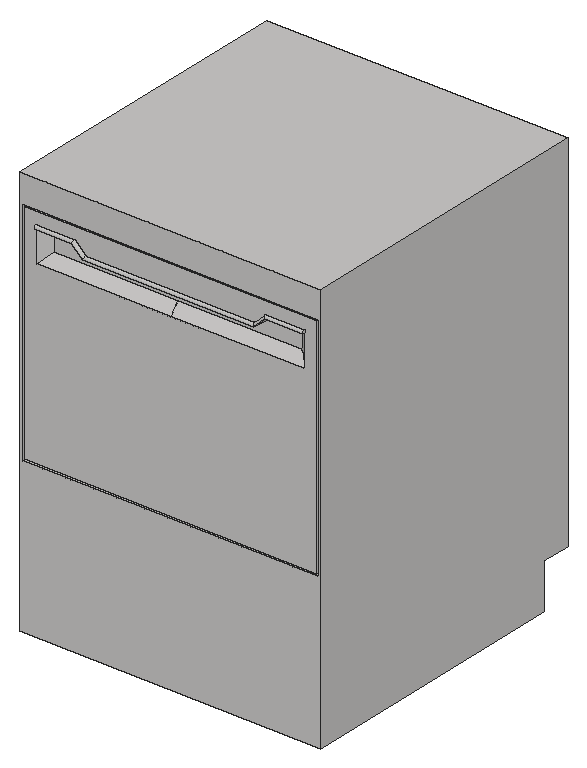
Revit family "QF_ELECTROLUXPROFESSIONAL_502713_ELI3G6M", category Specialty Equipment, Revit 2018
Family settings
  Round Connector Dimension = Use Diameter
  Part Type = Normal
  Work Plane-Based = No
  Always vertical = Yes
  Cut with Voids When Loaded = No
  Shared = No
  Room Calculation Point = No
Parameters
  Weight = 68.00 kg
  Watts = 0 W
  Volts = 0 V
  URL Manufacturer = ""
  URL = "http://professional.electrolux.com/"
  Steam Supply Size = 0 mm
  Steam Supply Minimum Pressure = 0.0 Pa
  Steam Supply Maximum Pressure = 0.0 Pa
  Steam Pounds per Hour = 0
  Show Logo [instance] = yes
  Show Clearance [instance] = yes
  Refrigeration Suction Line Size = 0 mm
  Refrigeration Liquid Line Size = 0 mm
  Refrigerant Compressor Remote = yes
  Manufacturer = ""
  Phase = 0
  Model = ""
  Length Actual = 600 mm  # constant formula
  Item Number = ""
  Hot Water Size = 0 mm
  Height Actual = 820 mm  # constant formula
  HP = "9.2 HP"
  Gas Size = 0 mm
  Gas KW = 0
  Gas Input Pressure = 0 W
  Direct Waste Size = 20.5 mm
  Description = ""
  Depth Actual = 615 mm  # constant formula
  Cycle = 0 Hz
  Condensate Return Size = 0 mm
  Compressed Air Volume = 0.0 L/s
  Compressed Air Size = 0 mm
  Compressed Air Pressure = 0.0 Pa
  Cold Water Size = 0 mm
  Accessory = yes
Types (2, lengths in mm): name | Volts | URL Manufacturer | URL | Manufacturer | Phase | Model | Item Number | Hot Water Size | Description | Cycle
  (no name) | 0 V | "" | "http://professional.electrolux.com/" | "" | 0 | "" | "" | 0 | "" | 0 Hz
  Standard | 440 V | "http://professional.electrolux.com" | "http://professional.electrolux.com" | "Electrolux Professional" | 3 | "ELI3G6M" | "502713" | 19.05 | "UNDERCOUNTER(L), DOUBLE SKIN, 3PH, DP, DD, 720D/H - 440V/ 3/ 60HZ MARINE" | 60 Hz
Reference planes
  plane 1 "Center (Front/Back)": y = 0
  plane 2: z = 0
  plane 3 "Center (Left/Right)": x = 0
  plane 4 "LEFT": x = -300
  plane 5 "RIGHT": x = 300
  plane 6 "FRONT": y = -307.5
  plane 7 "BACK": y = 307.5
  plane 8: z = 830
  plane 9: z = 10
  plane 10: y = 268.5
Forms (mm)
  Extrusion 1, solid, material "QF_Finishes_Stainless Steel"
    sketch origin (0, 0, 0) x (1, 0, 0) y (0, 1, 0)
      loop
        line (-300, -307.5) -> (300, -307.5) -> (300, 249.5) -> (-300, 249.5) -> (-300, -307.5)
    from 10 to 830
  Extrusion 2, solid, material "QF_Finishes_Stainless Steel"
    sketch origin (0, 0, 0) x (1, 0, 0) y (0, 1, 0)
      loop
        line (-300, 249.5) -> (300, 249.5) -> (300, 307.5) -> (-300, 307.5) -> (-300, 249.5)
    from 100 to 830
  Extrusion 3, solid, material "QF_Finishes_Stainless Steel"
    sketch origin (0, 0, 0) x (1, 0, 0) y (0, 1, 0)
      loop
        circle (-254, 193.5) r 12.5
      loop
        circle (254, 193.5) r 12.5
      loop
        circle (-254, -237.5) r 12.5
      loop
        circle (254, -237.5) r 12.5
    from 0 to 10
  Extrusion 4, void
    sketch origin (-300, -307.5, 0) x (-1, 0, 0) y (0, 0, 1)
      loop
        line (-5, 773.217) -> (-595, 773.217) -> (-595, 315.188) -> (-5, 315.188) -> (-5, 773.217)
    from 0 to 30
  Extrusion 5, solid, material "QF_Finishes_Stainless Steel"
    sketch origin (-274, -411, 733) x (0, 0, -1) y (1, 0, 0)
      loop
        circle (693, 143) r 10
    from -660.5 to -718.5
  Extrusion 6, solid, material "QF_Door-Drawer Clearances", visible <- "Show Clearance", detail levels coarse
    sketch origin (-230, -282.5, 0) x (0, 1, 0) y (0, 0, -1)
      loop
        line (-25, -319.312) -> (-397, -319.312)
        arc (-397, -319.312) -> (-298.139, -616.581) -> (-25, -770) r 434.302
        line (-25, -770) -> (-25, -319.312)
    from 61.225 to -521.647
  Extrusion 7, solid, material "QF_Finishes_Stainless Steel"
    sketch origin (-331.481, -411, 703) x (0, 0, -1) y (1, 0, 0)
      loop
        circle (663, 252.481) r 8
    from -660.5 to -718.5
  Extrusion 8, solid, material "QF_Finishes_Stainless Steel"
    sketch origin (-230, -282.5, 0) x (0, 1, 0) y (0, 0, -1)
      loop
        line (-25, -319.312) -> (-25, -770) -> (0, -770) -> (0, -319.312) -> (-25, -319.312)
    from 61.225 to -521.647
  Extrusion 9, solid, material "QF_Finishes_Stainless Steel"
    sketch origin (-301, 942.75, 760.5) x (0, -1, 0) y (1, 0, 0)
      loop
        circle (663, 158) r 8
    from -660.5 to -670.5
  Blend 10, void
    base sketch origin (-230, -307.5, 770) x (0, 0, -1) y (1, 0, 0)
      loop
        line (93.563, -37.311) -> (93.563, 230) -> (93.563, 497.311) -> (28.563, 497.311) -> (28.563, 422.311) -> (49.776, 401.098) -> (49.776, 230) -> (49.776, 58.902) -> (28.563, 37.689) -> (28.563, -37.311) -> (93.563, -37.311)
    top sketch origin (-230, -307.5, 770) x (0, 0, -1) y (1, 0, 0)
      loop
        line (73.563, -17.311) -> (73.563, 230) -> (73.563, 477.311) -> (31.063, 477.311) -> (31.063, 422.311) -> (52.276, 401.098) -> (52.276, 58.902) -> (31.063, 37.689) -> (31.063, -17.311) -> (73.563, -17.311)
    from 0 to -19.433
  Sweep 11, solid, material "QF_Finishes_Stainless Steel"
    path origin (-230, -307.5, 770) x (0, 0, -1) y (1, 0, 0)
      loop
        line (28.563, -37.311) -> (28.563, 37.689) -> (49.776, 58.902) -> (49.776, 401.098) -> (28.563, 422.311) -> (28.563, 497.311)
    profile origin (-229.811, -307.5, 741.437) x (0, 0, 1) y (0, -1, 0)
      loop
        line (0, 0) -> (5, 0)
        arc (5, 0) -> (3.536, 3.536) -> (0, 5) r 5
        arc (0, 5) -> (-0.037, 0.962) -> (-0.394, -3.06) r 51.04
        line (-0.394, -3.06) -> (0, 0)
Cuts and joins
  Extrusion 4 cuts Extrusion 1
  joined: Extrusion 1, Extrusion 2
  Blend 10 cuts Extrusion 8
Lines and regions (mm)
  Split face 1
    outline origin (-300, -307.5, 830) x (0, 0, -1) y (1, 0, 0)
      loop
        line (56.783, 5) -> (56.783, 0)
      loop
        line (56.783, 595) -> (56.783, 600)
      loop
        line (37.034, 600) -> (37.034, 514.297)
        arc (37.034, 514.297) -> (37.64, 511.25) -> (39.366, 508.667) r 7.962
        line (39.366, 508.667) -> (44.289, 503.744)
        arc (44.289, 503.744) -> (46.135, 500.982) -> (46.783, 497.723) r 8.515
        line (46.783, 497.723) -> (46.783, 87.277)
        arc (46.783, 87.277) -> (46.135, 84.018) -> (44.289, 81.256) r 8.515
        line (44.289, 81.256) -> (39.366, 76.333)
        arc (39.366, 76.333) -> (37.64, 73.75) -> (37.034, 70.703) r 7.962
        line (37.034, 70.703) -> (37.034, 0)
  Split face 2
    outline origin (-300, -307.5, 830) x (0, 0, -1) y (1, 0, 0)
      loop
        line (13.15, 274.82) -> (37.034, 274.82) -> (37.034, 325.18) -> (13.15, 325.18) -> (13.15, 274.82)
  symbolic lines
    curve 1: line (-300, 307.5, 0) -> (300, 307.5, 0)
    curve 2: line (-300, -307.5, 0) -> (-300, 307.5, 0)
    curve 3: line (300, -307.5, 0) -> (-300, -307.5, 0)
    curve 4: line (300, 307.5, 0) -> (300, -307.5, 0)
  symbolic lines, style "QF_Door-Drawer Clearances"
    curve 5: line (-291.225, -679.5, 0) -> (291.647, -679.5, 0)
    curve 6: line (291.647, -679.5, 0) -> (291.647, -307.5, 0)
    curve 7: line (-291.225, -679.5, 0) -> (-291.225, -307.5, 0)
  symbolic lines, style "SpecialityEquipmentHiddenLines"
    curve 8: line (-300, 249.5, 0) -> (300, 249.5, 0)
Dimensions and locks
  equal spacing: plane 4 "LEFT", plane 3 "Center (Left/Right)", plane 5 "RIGHT"
  equal spacing: plane 7 "BACK", plane 1 "Center (Front/Back)", plane 6 "FRONT"
  plane 7 "BACK" to plane 6 "FRONT" = 615 mm
  plane 4 "LEFT" to plane 5 "RIGHT" = 600 mm
  locked: plane 9 to level at 10
  plane 4 "LEFT" to plane 3 "Center (Left/Right)" = 300 mm
  plane 8 to level = 830 mm  (x2)
  Extrusion 9 sketch curve to plane 4 "LEFT" = 157 mm
  level to Extrusion 5 sketch curve = 40 mm
  Extrusion 5 sketch curve to plane 4 "LEFT" = 169 mm
  Extrusion 7 sketch curve to plane 4 "LEFT" = 221 mm
  level to Extrusion 7 sketch curve = 40 mm
  Extrusion 3 to cut or joined group of Extrusion 1, Extrusion 2, Extrusion 4 = 114 mm
  Extrusion 3 to Extrusion 3 = 431 mm
  plane 6 "FRONT" to Extrusion 3 = 70 mm
  plane 1 "Center (Front/Back)" to plane 6 "FRONT" = 307.5 mm
  locked: plane 7 "BACK" to plane 10 at 39
  plane 7 "BACK" to curve 5 = 987 mm
  Extrusion 8 to cut or joined group of Extrusion 1, Extrusion 2, Extrusion 4 = 454.812 mm
  aligned and locked: level to plane 2
  aligned and locked: Extrusion 1 sketch curve to plane 6 "FRONT"
  aligned and locked: Extrusion 1 sketch curve to plane 4 "LEFT"
  aligned and locked: plane 5 "RIGHT" to Extrusion 1 sketch curve
  aligned and locked: Extrusion 1 to plane 9
  aligned and locked: Extrusion 2 sketch curve to Extrusion 1
  aligned and locked: plane 7 "BACK" to Extrusion 2 sketch curve
  aligned and locked: plane 5 "RIGHT" to Extrusion 2 sketch curve
  aligned and locked: plane 9 to Extrusion 3
Automatic sketch dimensions
  Extrusion 1 sketch curve to plane 10 = 19 mm
  Extrusion 2 sketch curve to plane 10 = 19 mm
  plane 4 "LEFT" to Extrusion 3 sketch curve = 46 mm  (x2)
  Extrusion 3 sketch curve to plane 5 "RIGHT" = 46 mm  (x2)
  plane 6 "FRONT" to Extrusion 3 sketch curve = 70 mm  (x2)
  Extrusion 3 sketch curve to plane 10 = 75 mm  (x2)
  Extrusion 4 sketch curve to Extrusion 1 = 5 mm  (x2)
  Extrusion 4 sketch curve to Extrusion 1 = 305.188 mm
  Extrusion 4 sketch curve to Extrusion 1 = 56.783 mm
  Extrusion 8 sketch curve to plane 6 "FRONT" = 0 mm
  Extrusion 8 sketch curve to Extrusion 8 sketch curve = 25 mm
  Extrusion 8 sketch curve to plane 8 = 60 mm
  plane 9 to Extrusion 8 sketch curve = 309.312 mm
  cut or joined group of Extrusion 1, Extrusion 2, Extrusion 4 to Split face 1 sketch curve = 0 mm  (x2)
  Split face 1 sketch curve to cut or joined group of Extrusion 1, Extrusion 2, Extrusion 4 = 0 mm  (x6)
  cut or joined group of Extrusion 1, Extrusion 2, Extrusion 4 to Split face 1 sketch curve = 10 mm
  Split face 1 sketch curve to Split face 1 sketch curve = 2.494 mm  (x2)
  Split face 1 sketch curve to Split face 1 sketch curve = 8.515 mm  (x2)
  cut or joined group of Extrusion 1, Extrusion 2, Extrusion 4 to Split face 1 sketch curve = 11.786 mm  (x2)
  Split face 1 sketch curve to Split face 1 sketch curve = 5.63 mm  (x2)
  Split face 1 sketch curve to Split face 1 sketch curve = 2.332 mm  (x2)
  Split face 1 sketch curve to cut or joined group of Extrusion 1, Extrusion 2, Extrusion 4 = 65.703 mm
  Split face 1 sketch curve to Split face 1 sketch curve = 4.923 mm  (x2)
  Split face 1 sketch curve to cut or joined group of Extrusion 1, Extrusion 2, Extrusion 4 = 97.277 mm
  Split face 2 sketch curve to cut or joined group of Extrusion 1, Extrusion 2, Extrusion 4 = 13.15 mm
  cut or joined group of Extrusion 1, Extrusion 2, Extrusion 4 to Split face 2 sketch curve = 19.749 mm
  Split face 2 sketch curve to cut or joined group of Extrusion 1, Extrusion 2, Extrusion 4 = 269.82 mm
  Split face 2 sketch curve to Split face 2 sketch curve = 50.359 mm
  curve 1 to plane 4 "LEFT" = 0 mm
  curve 7 to plane 6 "FRONT" = 0 mm
  curve 4 to plane 5 "RIGHT" = 0 mm
  curve 8 to plane 10 = 19 mm
  curve 2 to plane 7 "BACK" = 0 mm
  plane 4 "LEFT" to curve 5 = 8.775 mm
  curve 6 to plane 5 "RIGHT" = 8.353 mm
  Extrusion 6 sketch curve to plane 6 "FRONT" = 0 mm
  plane 6 "FRONT" to Extrusion 6 sketch curve = 61.803 mm
  plane 9 to Extrusion 6 sketch curve = 330.118 mm
  Extrusion 6 sketch curve to Extrusion 6 sketch curve = 20.806 mm
  Extrusion 6 sketch curve to plane 6 "FRONT" = 372 mm
  Blend 10 sketch curve to Extrusion 8 = 28.563 mm  (x2)
  Blend 10 sketch curve to Extrusion 8 = 49.776 mm
  Blend 10 sketch curve to Blend 10 sketch curve = 65 mm
  Extrusion 8 to Blend 10 sketch curve = 23.913 mm
  Blend 10 sketch curve to Blend 10 sketch curve = 75 mm  (x2)
  Blend 10 sketch curve to Blend 10 sketch curve = 21.213 mm  (x5)
  Blend 10 sketch curve to Blend 10 sketch curve = 171.098 mm  (x2)
  Blend 10 sketch curve to Blend 10 sketch curve = 0 mm
  Extrusion 8 to Blend 10 sketch curve = 120.549 mm
  Extrusion 8 to Blend 10 sketch curve = 99.335 mm
  Extrusion 8 to Blend 10 sketch curve = 43.913 mm
  Blend 10 sketch curve to Blend 10 sketch curve = 42.5 mm
  Extrusion 8 to Blend 10 sketch curve = 44.335 mm
  Blend 10 sketch curve to Blend 10 sketch curve = 55 mm  (x2)
  Blend 10 sketch curve to Extrusion 8 = 31.063 mm
  Extrusion 8 to Sweep 11 sketch curve = 98.913 mm
  Sweep 11 sketch curve to Sweep 11 sketch curve = 21.213 mm  (x4)
  Extrusion 8 to Sweep 11 sketch curve = 23.913 mm
  Sweep 11 sketch curve to Extrusion 8 = 28.563 mm
  Extrusion 8 to Sweep 11 sketch curve = 99.335 mm
  Extrusion 8 to Sweep 11 sketch curve = 24.335 mm
  profile plane to Sweep 11 sketch curve = 0 mm  (x2)
  Sweep 11 sketch curve to profile plane = 0 mm
  profile plane to Sweep 11 sketch curve = 3.452 mm
  Sweep 11 sketch curve to Sweep 11 sketch curve = 5 mm
  profile plane to Sweep 11 sketch curve = 0.394 mm
  Sweep 11 sketch curve to profile plane = 3.06 mm
  plane 10 to Extrusion 9 sketch curve = 11.25 mm
  radius of Extrusion 3 sketch curve = 12.5 mm  (x4)
  radius of Extrusion 5 sketch curve = 10 mm
  radius of Extrusion 7 sketch curve = 8 mm
  radius of Extrusion 9 sketch curve = 8 mm
Connectors
  piping at (-131, 307.5, 40), diameter 20
    settings: on Extrusion 5, index 1, connector inside diameter 609.6 mm, connector length 0 mm, flow factor 0, pipe flow 0.0 L/s, pressure drop 0.0 Pa, fitting loss kfactor 0, connector angle 0.00°, fixture units 0, engagement length 0 mm, angle of deflection 0.00°, flow configuration 1, flow direction 1, fitting loss method 0, system type 16, joint type 0, gender type 0, connector reference index -1, connector utility 0, adjustable connector no, is connector primary yes, connector description "Drain"
  piping at (-79, 307.5, 40), diameter 16
    settings: on Extrusion 7, index 3, connector inside diameter 609.6 mm, connector length 0 mm, flow factor 0, pipe flow 0.0 L/s, pressure drop 0.0 Pa, fitting loss kfactor 0, connector angle 0.00°, fixture units 0, engagement length 0 mm, angle of deflection 0.00°, flow configuration 1, flow direction 1, fitting loss method 0, system type 20, joint type 0, gender type 0, connector reference index -1, connector utility 0, adjustable connector no, is connector primary no, connector description "Cold Water Inlet"
  electrical at (-143, 279.75, 90), driven by "Volts"
    settings: on Extrusion 9, index 4, voltage 0 V, apparent load 0 VA, apparent load phase1 0 VA, apparent load phase2 0 VA, apparent load phase3 0 VA, power factor 1, load classification "Altro", number of poles 1, system type 31, power factor state 1, is connector primary yes, connector utility no, sub classification motor no, connector description "Electrical Connection"
